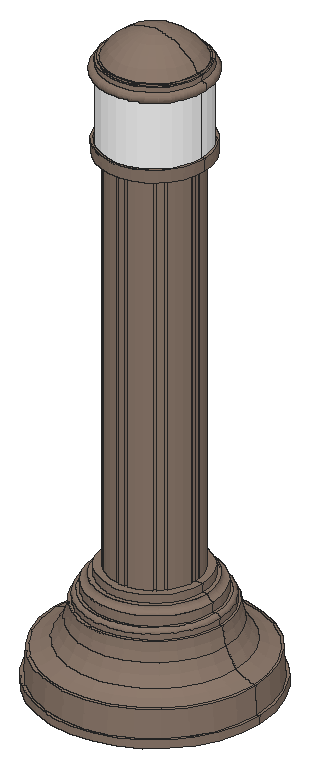
Revit family "BL0501", category Generic Models, Revit 2014
Parameters
  TOP CAP = Bronze, Architectural
  LENS = Acrylic
  BODY 2 = Bronze, Architectural
  BODY = Bronze, Architectural
Reference planes (in)
  plane 1 "Center (Front/Back)": y = 0
  plane 2: z = 0
  plane 3 "Center (Left/Right)": x = 0
  plane 4: y = 0.748
  plane 5: y = -0.748
Forms (in)
  Revolve 1, solid, material "Bronze, Architectural" <- "TOP CAP"
    sketch origin (0, 0, 0) x (1, 0, 0) y (0, 0, 1)
      loop
        arc (4.0625, 46.625) -> (4.4375, 47) -> (4.0625, 47.375) r 0.375
        line (4.0625, 47.375) -> (4.03125, 47.75) -> (3.84812, 47.75) -> (3.84375, 47.875) -> (3.71875, 47.875)
        arc (3.71875, 47.875) -> (2.14154, 49.43128) -> (0, 50) r 4.31641
        line (0, 50) -> (0, 46.625) -> (4.0625, 46.625)
      axis (0, 50) -> (0, 46.625)
    angle from 0 to 360
  Revolve 2, solid, material "Bronze, Architectural" <- "BODY 2"
    sketch origin (0, 0, 0) x (1, 0, 0) y (0, 0, 1)
      loop
        line (-4.12401, 41.5625) -> (-4.3125, 41.5625) -> (-4.25015, 40.5625) -> (0, 40.5625) -> (0, 40.7505) -> (-4.07338, 40.7505) -> (-4.12401, 41.5625)
      axis (0, 41.5625) -> (0, 40.5625)
    angle from 0 to 360
  Revolve 3, solid, material "Acrylic" <- "LENS"
    sketch origin (0, 0, 0) x (1, 0, 0) y (0, 0, 1)
      loop
        line (-4, 46.625) -> (-4, 40.75056) -> (0, 40.75056) -> (0, 46.625) -> (-4, 46.625)
      axis (0, 46.625) -> (0, 40.75056)
    angle from 0 to 360
  Revolve 4, solid, material "Bronze, Architectural" <- "BODY"
    sketch origin (0, 0, 0) x (1, 0, 0) y (0, 0, 1)
      loop
        line (-8.75, 0.625) -> (-9, 0.625) -> (-9, 0) -> (0, 0) -> (0, 40.5625) -> (-3.5, 40.5625) -> (-3.5, 9) -> (-4.125, 9) -> (-4.125, 8.375) -> (-4.5, 8.375)
        arc (-4.5, 8.375) -> (-4.64645, 8.02145) -> (-5, 7.875) r 0.5
        line (-5, 7.875) -> (-5, 7.125) -> (-5.25, 7.125)
        arc (-5.25, 7.125) -> (-5.47097, 7.03347) -> (-5.5625, 6.8125) r 0.3125
        line (-5.5625, 6.8125) -> (-5.5625, 6.375) -> (-5.8125, 6.375)
        arc (-5.8125, 6.375) -> (-5.88975, 5.64336) -> (-6.09453, 4.93674) r 4.16482
        arc (-6.09453, 4.93674) -> (-6.47079, 4.15928) -> (-6.96641, 3.45192) r 5.38922
        arc (-6.96641, 3.45192) -> (-7.67251, 3.07358) -> (-8.42584, 2.80117) r 5.53229
        arc (-8.42584, 2.80117) -> (-8.52556, 2.77613) -> (-8.625, 2.75) r 9.5014
        line (-8.625, 2.75) -> (-8.75, 0.625)
      axis (0, 40.5625) -> (0, 0)
    angle from 0 to 360
  Extrusion 5, void
    sketch origin (0, 0, 0) x (1, 0, 0) y (0, 0, 1)
      loop
        line (0.248, 40.5625) -> (0.248, 9) -> (0.49543, 9) -> (0.49543, 40.5625) -> (0.248, 40.5625)
      loop
        line (-0.248, 40.5625) -> (-0.49543, 40.5625) -> (-0.49543, 9) -> (-0.248, 9) -> (-0.248, 40.5625)
    from -3.63147 to -3.32102
  Extrusion 6, void
    sketch origin (0, 0, 0) x (0.707107, -0.707107, 0) y (0, 0, 1)
      loop
        line (0.248, 40.5625) -> (0.248, 9) -> (0.49543, 9) -> (0.49543, 40.5625) -> (0.248, 40.5625)
      loop
        line (-0.248, 40.5625) -> (-0.49543, 40.5625) -> (-0.49543, 9) -> (-0.248, 9) -> (-0.248, 40.5625)
    from -3.63147 to -3.32102
  Extrusion 7, void
    sketch origin (0, 0, 0) x (0.707107, 0.707107, 0) y (0, 0, 1)
      loop
        line (0.248, 40.5625) -> (0.248, 9) -> (0.49543, 9) -> (0.49543, 40.5625) -> (0.248, 40.5625)
      loop
        line (-0.248, 40.5625) -> (-0.49543, 40.5625) -> (-0.49543, 9) -> (-0.248, 9) -> (-0.248, 40.5625)
    from -3.63147 to -3.32102
  Extrusion 8, void
    sketch origin (0, 0, 0) x (0, 1, 0) y (0, 0, 1)
      loop
        line (0.248, 40.5625) -> (0.248, 9) -> (0.49543, 9) -> (0.49543, 40.5625) -> (0.248, 40.5625)
      loop
        line (-0.248, 40.5625) -> (-0.49543, 40.5625) -> (-0.49543, 9) -> (-0.248, 9) -> (-0.248, 40.5625)
    from -3.63147 to -3.32102
  Extrusion 9, void
    sketch origin (0, 0, 0) x (0, -1, 0) y (0, 0, 1)
      loop
        line (0.248, 40.5625) -> (0.248, 9) -> (0.49543, 9) -> (0.49543, 40.5625) -> (0.248, 40.5625)
      loop
        line (-0.248, 40.5625) -> (-0.49543, 40.5625) -> (-0.49543, 9) -> (-0.248, 9) -> (-0.248, 40.5625)
    from -3.63147 to -3.32102
  Extrusion 10, void
    sketch origin (0, 0, 0) x (-0.707107, -0.707107, 0) y (0, 0, 1)
      loop
        line (0.248, 40.5625) -> (0.248, 9) -> (0.49543, 9) -> (0.49543, 40.5625) -> (0.248, 40.5625)
      loop
        line (-0.248, 40.5625) -> (-0.49543, 40.5625) -> (-0.49543, 9) -> (-0.248, 9) -> (-0.248, 40.5625)
    from -3.63147 to -3.32102
  Extrusion 11, void
    sketch origin (0, 0, 0) x (-0.707107, 0.707107, 0) y (0, 0, 1)
      loop
        line (0.248, 40.5625) -> (0.248, 9) -> (0.49543, 9) -> (0.49543, 40.5625) -> (0.248, 40.5625)
      loop
        line (-0.248, 40.5625) -> (-0.49543, 40.5625) -> (-0.49543, 9) -> (-0.248, 9) -> (-0.248, 40.5625)
    from -3.63147 to -3.32102
  Extrusion 12, void
    sketch origin (0, 0, 0) x (-1, 0, 0) y (0, 0, 1)
      loop
        line (0.248, 40.5625) -> (0.248, 9) -> (0.49543, 9) -> (0.49543, 40.5625) -> (0.248, 40.5625)
      loop
        line (-0.248, 40.5625) -> (-0.49543, 40.5625) -> (-0.49543, 9) -> (-0.248, 9) -> (-0.248, 40.5625)
    from -3.63147 to -3.32102
Cuts and joins
  Extrusion 5, Extrusion 6, Extrusion 7, Extrusion 8, Extrusion 9, Extrusion 10, Extrusion 11, Extrusion 12 cuts Revolve 2
  Extrusion 5, Extrusion 6, Extrusion 7, Extrusion 8, Extrusion 9, Extrusion 10, Extrusion 11, Extrusion 12 cuts Revolve 4
Dimensions and locks (in)
  aligned and locked: plane 2 to level
